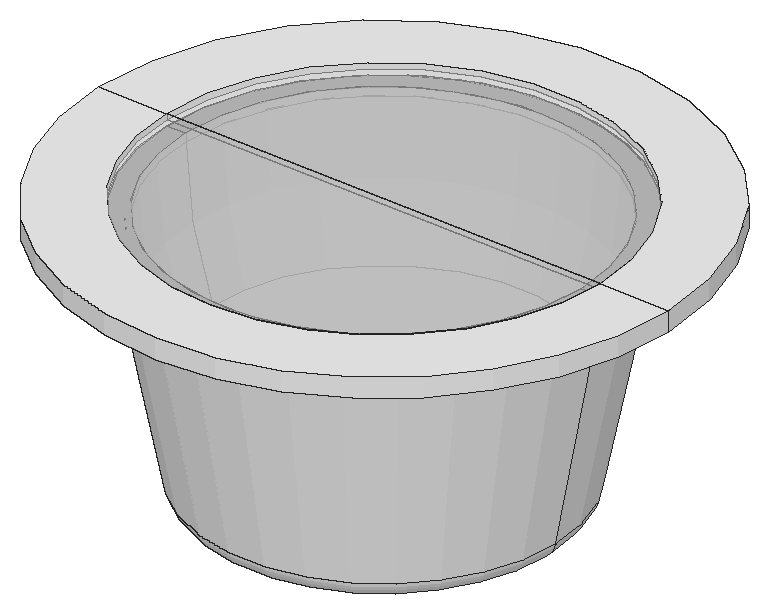
Revit family "2060551+2028036 Sylvania Lighting Fixture ASCENT 100 II ARCH 1900 3K STD EMG 160 with IP44 Frost Glass", category Lighting Fixtures, host Face, Revit 2016
Family settings
  Host = Face
  Part Type = Normal
  Round Connector Dimension = Use Diameter
  OmniClass Number = 23.80.70.11.17
  OmniClass Title = Specialized Lighting by Location or Use
  Cut with Voids When Loaded = No
  Light Source = Yes
  Shared = No
  Room Calculation Point = No
Parameters (values of type "2060551+2028036 ASCT100 II ARCH 1900 3K STD EMG 160 with IP44 Frost Glass Emergency mode")
  WidthBezelAcc_SYL = 25.0 mm
  Weight = "1.92 kg"
  Wattage = 1.84536 W
  WarrantyStartDate [instance] = "n/a"
  WarrantyGuarantorParts = "n/a"
  WarrantyDurationUnit = "n/a"
  WarrantyDurationParts = "n/a"
  WarrantyDescription = "n/a"
  built-in parameter 1150110 = 1 (stored number, unit not read)
  Voltage = 0 V
  VisibilityAccessory_SYL = yes
  TypeName = "ASCT100 II ARCH 1900 3K STD EMG 160 with IP44 Frost Glass Emergency mode"
  built-in parameter 1114217 = 1 (stored number, unit not read)
  Tilt Angle = -90°
  built-in parameter 1150109 = 1 (stored number, unit not read)
  built-in parameter 1150134 = (empty or 0)
  built-in parameter 1150113 = 1 (stored number, unit not read)
  SerialNumber [instance] = "n/a"
  ReflectorRadius_SYL = Radius_SYL - 14.5 mm  # 80.0 mm
  RadiusAcc_SYL = 105.0 mm
  Radius_SYL = 94.5 mm
  URL = "http://www.sylvania-lighting.com"
  PowerFactor = 0
  PowerConsumption = "19 W"
  Photometric Web File = "2060551EM.ies"
  NominalWidth = 0.0 mm
  NominalLength = 0.0 mm
  NominalHeight = 94.0 mm
  Name = "ASCT100 II ARCH 1900 3K STD EMG 160 with IP44 Frost Glass Emergency mode"
  ModelReference = "ASCT100 II ARCH 1900 3K STD EMG 160 with IP44 Frost Glass Emergency mode"
  ModelNumber = "2060551+2028036"
  Material_4_SYL = none
  Material_3_SYL = Polycarbonate_Sylvania_Ascent_Clear
  Material_2_SYL = Aluminium_Sylvania_Ascent_Silver
  Material_1_SYL = Aluminum_Sylvania_Ascent_White
  Material = "aluminium housing, arcylic diffuser"
  ManufacturerName = "Feilo Sylvania"
  LuminousEfficacy = "97 lm/W"
  built-in parameter 1150105 = 14.244 (stored number, unit not read)
  Lumens = 179 lm
  LuminaireType = ""
  built-in parameter 1150115 = 1 (stored number, unit not read)
  LightOutputRatio = "100"
  built-in parameter 1150137 = (empty or 0)
  built-in parameter 1150139 = (empty or 0)
  LampsType = Lamp  # "LED"
  LampNominalLuminous = "1847 lm"
  LampMacAdamStep = "3"
  LampColourTemperature = "3000 K"
  LampColourRenderingIndex = "80"
  built-in parameter 1150112 = 1 (stored number, unit not read)
  built-in parameter 1150114 = 1 (stored number, unit not read)
  Keynote = "16500"
  InstallationDate [instance] = "n/a"
  InputVoltage = "n/a"
  InputNominalFrequency = "n/a"
  built-in parameter 1150132 = (empty or 0)
  built-in parameter 1150102 = (empty or 0)
  built-in parameter 1150107 = 3000 (stored number, unit not read)
  built-in parameter 1150138 = (empty or 0)
  IngressProtection = "IP44"
  ImpactProtectionIndex = "IK02"
  built-in parameter 1150106 = 0.14244 (stored number, unit not read)
  IfcExportType = "IfcLightFixtureType"
  IfcExportAs = "IfcLightFixtureType"
  Height_SYL = 94.0 mm
  HeightAcc_SYL = 7.0 mm
  ExpectedLife = 50000
  EmittionSurface_SYL = if(VisibilityAccessory_SYL, 7.0 mm, 3.0 mm)  # 7.0 mm
  Emit from Circle Diameter = DiffuserRadius_SYL * 2  # 146.0 mm
  Emit Shape Visible in Rendering = no
  ElectricShockClassification = "Class II"
  built-in parameter 1150104 = 9.0116 (stored number, unit not read)
  DurationUnit = "hours"
  DocumentationLiterature = "http://www.sylvania-lighting.com/product/en-int/products/2060551"
  DimmingControlOptions = "n/a"
  Dimming Lamp Color Temperature Shift = <None>
  DiffuserRadius_SYL = ReflectorRadius_SYL - 7.0 mm  # 73.0 mm
  Diameter_SYL = 2 * Radius_SYL  # 189.0 mm
  CutoutDiameter_SYL = Diameter_SYL - 13.0 mm  # 176.0 mm
  CreatedOn = "9/17/2018"
  CreatedBy = "@sylvania-lighting.com"
  Color Filter = 16777215
  built-in parameter 1114216 [instance] = 1 (stored number, unit not read)
  Model = "ASCT100 II ARCH 1900 3K STD EMG 160 with IP44 Frost Glass Emergency mode"
  Manufacturer = "Feilo Sylvania"
  Lamp = "LED"
  Description = "Direct LED retro fit for original LED 100 Arch (160) single CFL lamp offering Matching lumen levels and improved light distribution of original LED 100 CFL lamp equivalents Typically half the power consumption compared to CFL Up to 112lm/W 160mm aperture Architectural reflector accepts range of glass accessories from existing LED 100 Arch 160 offering HE, HO and VHO versions equivalent of single 1 x 18W, 1 x 32W, 1 x 42W\r\n Additional VVHO versions which offer the performance circa 2 x 32W equivalent"  # constant formula
  Default Elevation = 0.0 mm
  built-in parameter 1140040 [instance] = 1
  BarCode [instance] = "n/a"
  built-in parameter 1114218 = 1 (stored number, unit not read)
  built-in parameter 1150133 = 10 (stored number, unit not read)
  AssetType = "Fixed"
  AssetIdentifier [instance] = "n/a"
  Assembly Code = "D5020200"
  Apparent Load = 1.84536 VA
  Aperture_SYL = 2 * ReflectorRadius_SYL  # 160.0 mm
Types (2, lengths in mm): name | Wattage | TypeName | Photometric Web File | Name | ModelReference | Material_3_SYL | built-in parameter 1150105 | Lumens | built-in parameter 1150106 | Model | Apparent Load
  2060551+2028036 ASCT100 II ARCH 1900 3K STD EMG 160 with IP44 Frost Glass Emergency mode | 1.84536 W | "ASCT100 II ARCH 1900 3K STD EMG 160 with IP44 Frost Glass Emergency mode" | "2060551EM.ies" | "ASCT100 II ARCH 1900 3K STD EMG 160 with IP44 Frost Glass Emergency mode" | "ASCT100 II ARCH 1900 3K STD EMG 160 with IP44 Frost Glass Emergency mode" | Polycarbonate_Sylvania_Ascent_Clear | 14.244 (stored number, unit not read) | 179 lm | 0.14244 (stored number, unit not read) | "ASCT100 II ARCH 1900 3K STD EMG 160 with IP44 Frost Glass Emergency mode" | 1.84536 VA
  2060551+2028036 ASCT100 II ARCH 1900 3K STD EMG 160 with IP44 Frost Glass | 19 W | "ASCENT 100 II ARCH 1900 3K STD EMG 160 with IP44 Frost Glass" | "2060551.ies" | "ASCENT 100 II ARCH 1900 3K STD EMG 160 with IP44 Frost Glass" | "ASCENT 100 II ARCH 1900 3K STD EMG 160 with IP44 Frost Glass" | Polycarbonate_Sylvania_Ascent_Opal | 146.66 (stored number, unit not read) | 1843 lm | 1.4666 (stored number, unit not read) | "ASCENT 100 II ARCH 1900 3K STD EMG 160 with IP44 Frost Glass" | 19 VA
Reference planes
  plane 1 "Center (Front/Back)": y = 0
  plane 2: z = 0
  plane 3 "Center (Left/Right)": x = 0
  plane 4 "Fixture Bottom": z = 3
  plane 5: z = -52.5
  plane 6 "Fixture Top": z = -91
  plane 7: x = -105
  plane 8: z = 7
  plane 9: x = -80
  plane 10: z = 5
  plane 11: x = -103
Forms (mm)
  Extrusion 1, solid, material "Aluminum_Sylvania_Ascent_White", detail levels fine
    sketch origin (0, 0, 0) x (1, 0, 0) y (0, 1, 0)
      loop
        circle (0, 0) r 94.5
      loop
        circle (0, 0) r 80
    from 0 to 3
  Extrusion 2, void
    sketch origin (0, 0, 0) x (1, 0, 0) y (0, 1, 0)
      loop
        circle (0, 0) r 88
    from -91 to 3
  Revolve 3, solid, material "Aluminum_Sylvania_Ascent_White" <- "Material_1_SYL", detail levels fine
    sketch origin (0, 0, 0) x (1, 0, 0) y (0, 0, 1)
      loop
        line (0, -91.073) -> (0, -89.023) -> (-55.468, -89.014)
        arc (-55.468, -89.014) -> (-59.352, -87.613) -> (-61.54, -84.139) r 6.307
        line (-61.54, -84.139) -> (-77.991, -2.844) -> (-77.991, 0) -> (-80, 0) -> (-80, -3) -> (-63.5, -84.536)
        arc (-63.5, -84.536) -> (-60.643, -89.203) -> (-55.5, -91.073) r 8.291
        line (-55.5, -91.073) -> (0, -91.073)
      axis (0, 0) -> (0, -91.073)
    angle from 0 to 360
  Revolve 4, solid, material "Aluminium_Sylvania_Ascent_Silver" <- "Material_2_SYL", detail levels fine
    sketch origin (0, 0, 0) x (1, 0, 0) y (0, 0, 1)
      loop
        line (-80, 3) -> (-80, 0) -> (-75, 0)
        arc (-75, 0) -> (-72.349, -26.77) -> (-64.5, -52.5) r 136.5
        line (-64.5, -52.5) -> (-58, -52.5)
        arc (-58, -52.5) -> (-56.857, -61.521) -> (-53.5, -69.971) r 36.166
        line (-53.5, -69.971) -> (0, -69.971) -> (0, -50.5) -> (-63.16, -50.5)
        arc (-63.16, -50.5) -> (-70.517, -25.725) -> (-73, 0) r 134.5
        line (-73, 0) -> (-73, 3) -> (-80, 3)
      axis (0, 3) -> (0, -69.971)
    angle from 0 to 360
  Extrusion 5, solid, material "Polycarbonate_Sylvania_Ascent_Clear" <- "Material_3_SYL", detail levels fine
    sketch origin (0, 0, 0) x (1, 0, 0) y (0, 1, 0)
      loop
        circle (0, 0) r 73
    from 0 to 3
  Revolve 6, solid, material "Aluminum_Sylvania_Ascent_White" <- "Material_1_SYL", detail levels coarse+medium
    sketch origin (0, 0, 0) x (1, 0, 0) y (0, 0, 1)
      loop
        line (0, -91.073) -> (0, 3) -> (-94.5, 3) -> (-94.5, 0) -> (-79.5, 0) -> (-79.5, -3) -> (-63, -84.536)
        arc (-63, -84.536) -> (-60.143, -89.203) -> (-55, -91.073) r 8.291
        line (-55, -91.073) -> (0, -91.073)
      axis (0, 3) -> (0, -91.073)
    angle from 0 to 360
  Revolve 7, solid, material "Aluminum_Sylvania_Ascent_White" <- "Material_1_SYL", visible <- "VisibilityAccessory_SYL"
    sketch origin (0, 0, 0) x (1, 0, 0) y (0, 0, 1)
      loop
        line (-105, 0) -> (-103, 0) -> (-103, 5) -> (-80, 5) -> (-80, 7) -> (-105, 7) -> (-105, 0)
      axis (0, 7) -> (0, 0)
    angle from 0 to 360
  Revolve 8, solid, material "Polycarbonate_Sylvania_Ascent_Clear" <- "Material_3_SYL", visible <- "VisibilityAccessory_SYL"
    sketch origin (0, 0, 0) x (1, 0, 0) y (0, 0, 1)
      loop
        line (-80, 7) -> (-80, 5) -> (0, 5) -> (0, 7) -> (-80, 7)
      axis (0, 7) -> (0, 5)
    angle from 0 to 360
Lines and regions (mm)
  reference lines
    curve 1: line (-150, 0, 7) -> (125, 0, 7)
Dimensions and locks
  locked: plane 4 "Fixture Bottom" to plane 2 at 3
  "Height_SYL": plane 4 "Fixture Bottom" to plane 6 "Fixture Top"
  "ReflectorRadius_SYL": plane 3 "Center (Left/Right)" to Revolve 4 sketch curve
  locked: Revolve 4 sketch curve to Revolve 4 sketch curve at 15.5
  locked: Revolve 4 sketch curve to Revolve 4 sketch curve at 5
  locked: Revolve 4 sketch curve to Revolve 4 sketch curve at 7
  locked: Revolve 4 sketch curve to Revolve 4 sketch curve at 22
  locked: Revolve 4 sketch curve to Revolve 4 sketch curve at 26.5
  locked: Revolve 3 sketch curve to Revolve 3 sketch curve at 16.5
  locked: Revolve 3 sketch curve to Revolve 3 sketch curve at 24.5
  "ReflectorRadius_SYL": Revolve 3 sketch curve to plane 3 "Center (Left/Right)"
  locked: Revolve 3 sketch curve to plane 6 "Fixture Top" at 6.464
  locked: plane 2 to Revolve 3 sketch curve at 3
  locked: Revolve 3 sketch curve to Revolve 3 sketch curve at 2
  locked: Revolve 3 sketch curve to Revolve 3 sketch curve at 2.009
  locked: plane 2 to plane 5 at 52.5
  locked: Revolve 6 sketch curve to Revolve 6 sketch curve at 31.5
  locked: Revolve 6 sketch curve to Revolve 6 sketch curve at 39.5
  locked: Revolve 6 sketch curve to Revolve 6 sketch curve at 15
  "Radius_SYL": plane 3 "Center (Left/Right)" to Revolve 6 sketch curve
  "RadiusAcc_SYL": plane 3 "Center (Left/Right)" to plane 7
  "HeightAcc_SYL": plane 8 to level
  "WidthBezelAcc_SYL": plane 7 to plane 9
  locked: plane 7 to plane 11 at 2
  locked: plane 8 to plane 10 at 2
  "EmittionSurface_SYL": curve 1 to level
  "CutoutDiameter_SYL": diameter of Extrusion 2 sketch curve
  "ReflectorRadius_SYL": radius of Extrusion 1 sketch curve
  "DiffuserRadius_SYL": radius of Extrusion 5 sketch curve
  "Radius_SYL": radius of Extrusion 1 sketch curve
  aligned and locked: host face to plane 2
  aligned and locked: host face to level
  aligned and locked: plane 4 "Fixture Bottom" to Extrusion 1
  aligned and locked: Extrusion 1 to plane 2
  aligned and locked: Revolve 3 sketch curve to plane 3 "Center (Left/Right)"
  aligned and locked: Revolve 4 sketch curve to plane 3 "Center (Left/Right)"  (x2)
  aligned and locked: plane 4 "Fixture Bottom" to Revolve 4 sketch curve
  aligned and locked: Extrusion 5 to plane 2
  aligned and locked: plane 2 to Revolve 3 sketch curve  (x2)
  aligned and locked: Revolve 6 sketch curve to plane 3 "Center (Left/Right)"
  aligned and locked: plane 6 "Fixture Top" to Extrusion 2
  aligned and locked: Revolve 7 sketch curve to plane 3 "Center (Left/Right)"
  aligned and locked: host face to Revolve 7 sketch curve  (x2)
  aligned and locked: Revolve 7 sketch curve to plane 7
  aligned and locked: plane 8 to Revolve 7 sketch curve
  aligned and locked: plane 9 to Revolve 7 sketch curve
  aligned and locked: Revolve 7 sketch curve to plane 10
  aligned and locked: plane 11 to Revolve 7 sketch curve
  aligned and locked: Revolve 7 to Revolve 8 sketch curve
  aligned and locked: Revolve 8 sketch curve to Revolve 7  (x2)
  aligned and locked: Revolve 8 sketch curve to plane 3 "Center (Left/Right)"  (x2)
  aligned and locked: plane 3 "Center (Left/Right)" to imposter light
  aligned and locked: imposter light to plane 1 "Center (Front/Back)"
  aligned and locked: imposter light to curve 1
Automatic sketch dimensions
  plane 1 "Center (Front/Back)" to Extrusion 2 sketch curve = 0.0 mm
  Extrusion 2 sketch curve to plane 3 "Center (Left/Right)" = 0.0 mm
  Extrusion 1 sketch curve to Extrusion 1 sketch curve = 0.0 mm  (x2)
  plane 1 "Center (Front/Back)" to Extrusion 1 sketch curve = 0.0 mm
  Extrusion 1 sketch curve to plane 3 "Center (Left/Right)" = 0.0 mm
  plane 6 "Fixture Top" to Revolve 3 sketch curve = 0.073 mm
  Revolve 3 sketch curve to plane 6 "Fixture Top" = 6.861 mm
  Revolve 3 sketch curve to Revolve 3 sketch curve = 0.003 mm
  Revolve 3 sketch curve to Revolve 3 sketch curve = 0.009 mm  (x2)
  Revolve 3 sketch curve to Revolve 3 sketch curve = 0.023 mm
  Revolve 3 sketch curve to Revolve 3 sketch curve = 0.072 mm
  Revolve 3 sketch curve to Revolve 3 sketch curve = 0.008 mm
  Revolve 3 sketch curve to plane 6 "Fixture Top" = 1.977 mm
  Revolve 3 sketch curve to Revolve 3 sketch curve = 33.496 mm
  Revolve 3 sketch curve to Revolve 3 sketch curve = 0.028 mm
  plane 4 "Fixture Bottom" to Revolve 3 sketch curve = 82.431 mm
  Revolve 4 sketch curve to Revolve 4 sketch curve = 0.0 mm  (x2)
  Revolve 4 sketch curve to plane 5 = 0.0 mm
  Revolve 4 sketch curve to level = 0.0 mm
  plane 5 to Revolve 4 sketch curve = 2.0 mm
  plane 4 "Fixture Bottom" to Revolve 4 sketch curve = 9.642 mm
  plane 1 "Center (Front/Back)" to Extrusion 5 sketch curve = 0.0 mm
  Extrusion 5 sketch curve to plane 3 "Center (Left/Right)" = 0.0 mm
  Revolve 4 sketch curve to level = 69.971 mm
  Revolve 4 sketch curve to Revolve 4 sketch curve = 2.387 mm
  Revolve 6 sketch curve to level = 0.0 mm
  Revolve 6 sketch curve to plane 3 "Center (Left/Right)" = 0.0 mm
  Revolve 6 sketch curve to Revolve 6 sketch curve = 8.104 mm
  Revolve 6 sketch curve to level = 3.0 mm
  Revolve 6 sketch curve to plane 6 "Fixture Top" = 6.464 mm
  plane 6 "Fixture Top" to Revolve 6 sketch curve = 0.073 mm
  Revolve 6 sketch curve to Revolve 6 sketch curve = 33.496 mm
  plane 4 "Fixture Bottom" to Revolve 6 sketch curve = 82.431 mm
  host sketch curve to host sketch curve = 1704.996 mm
  host sketch curve to host sketch curve = 1500.0 mm
  plane 6 "Fixture Top" to Revolve 7 sketch curve = 281.274 mm
  Revolve 7 sketch curve to plane 8 = 1140.706 mm
  plane 6 "Fixture Top" to Revolve 8 sketch curve = 281.274 mm
  Revolve 8 sketch curve to Revolve 8 sketch curve = 1140.706 mm
  Revolve 3 sketch curve to plane 3 "Center (Left/Right)" = 0.0 mm
  Revolve 6 sketch curve to plane 4 "Fixture Bottom" = 0.0 mm
  plane 7 to curve 1 = 45.0 mm
  plane 3 "Center (Left/Right)" to curve 1 = 125.0 mm
Connectors
  electrical at (0, 0, -91.073), driven by "Apparent Load"
    settings: on Revolve 3, index 1, voltage 240 V, apparent load 0 VA, apparent load phase1 1.84536 VA, apparent load phase2 0 VA, apparent load phase3 0 VA, power factor 1, load classification "Lighting", number of poles 1, system type 31, power factor state 1, is connector primary yes, connector utility no, sub classification motor no, connector description ""
